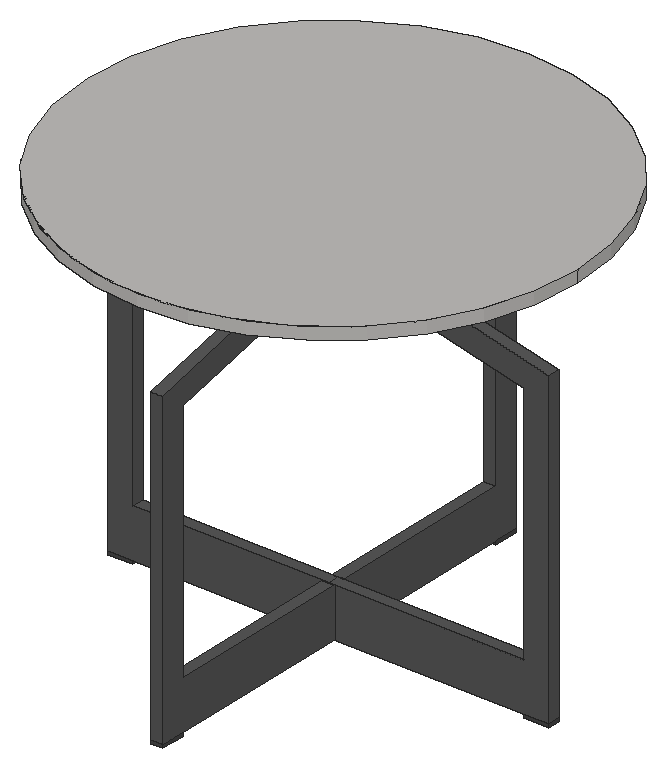
Revit family "xavier small table", category Furniture, Revit 2014
Reference planes (in)
  plane 1 "Center Front/Back": y = 0
  plane 2: z = 0
  plane 3 "Center Left/Right": x = 0
Forms (in)
  Extrusion 1, solid, material "Table frame"
    sketch origin (0, 0, 0) x (1, 0, 0) y (0, 0, 1)
      loop
        line (-22.92632, 16.5) -> (-25.86382, 16.5) -> (-25.86382, 14.25) -> (-31.92632, 12.875) -> (-31.92632, 0.125) -> (-22.92632, 0.125) -> (-13.92632, 0.125) -> (-13.92632, 12.875) -> (-19.98882, 14.25) -> (-19.98882, 16.5) -> (-22.92632, 16.5)
      loop
        line (-22.92632, 15.5) -> (-24.86382, 15.5) -> (-24.86382, 13.45141) -> (-30.92632, 12.07641) -> (-30.92632, 2.125) -> (-22.92632, 2.125) -> (-14.92632, 2.125) -> (-14.92632, 12.07641) -> (-20.98882, 13.45141) -> (-20.98882, 15.5) -> (-22.92632, 15.5)
    from 0 to 0.5
  Extrusion 2, solid, material "Table frame"
    sketch origin (-22.67632, -23.17632, 0) x (0, -1, 0) y (0, 0, 1)
      loop
        line (-23.17632, 16.5) -> (-25.86382, 16.5) -> (-25.86382, 14.25) -> (-31.92632, 12.875) -> (-31.92632, 0.125) -> (-23.17632, 0.125) -> (-23.17632, 2.125) -> (-30.92632, 2.125) -> (-30.92632, 12.07641) -> (-24.86382, 13.45141) -> (-24.86382, 15.5) -> (-23.17632, 15.5) -> (-23.17632, 16.5)
      loop
        line (-22.67632, 15.5) -> (-20.98882, 15.5) -> (-20.98882, 13.45141) -> (-14.92632, 12.07641) -> (-14.92632, 2.125) -> (-22.67632, 2.125) -> (-22.67632, 0.125) -> (-13.92632, 0.125) -> (-13.92632, 12.875) -> (-19.98882, 14.25) -> (-19.98882, 16.5) -> (-22.67632, 16.5) -> (-22.67632, 15.5)
    from 0 to 0.5
  Extrusion 3, solid, material "Table top (Corian)"
    sketch origin (0, 0, 0) x (1, 0, 0) y (0, 1, 0)
      loop
        circle (-22.92632, -0.25) r 10
    from 16.5 to 17
  Extrusion 4, solid, material "Glides"
    sketch origin (0, 0, 0) x (1, 0, 0) y (0, 1, 0)
      loop
        line (-23.17632, 8.75) -> (-23.17632, 7.75) -> (-22.67632, 7.75) -> (-22.67632, 8.75) -> (-23.17632, 8.75)
      loop
        line (-14.92632, 0) -> (-14.92632, -0.5) -> (-13.92632, -0.5) -> (-13.92632, 0) -> (-14.92632, 0)
      loop
        line (-23.17632, -8.25) -> (-23.17632, -9.25) -> (-22.67632, -9.25) -> (-22.67632, -8.25) -> (-23.17632, -8.25)
      loop
        line (-31.92632, -0.5) -> (-30.92632, -0.5) -> (-30.92632, 0) -> (-31.92632, 0) -> (-31.92632, -0.5)
    from 0 to 0.125
Dimensions and locks (in)
  aligned and locked: level to plane 2
